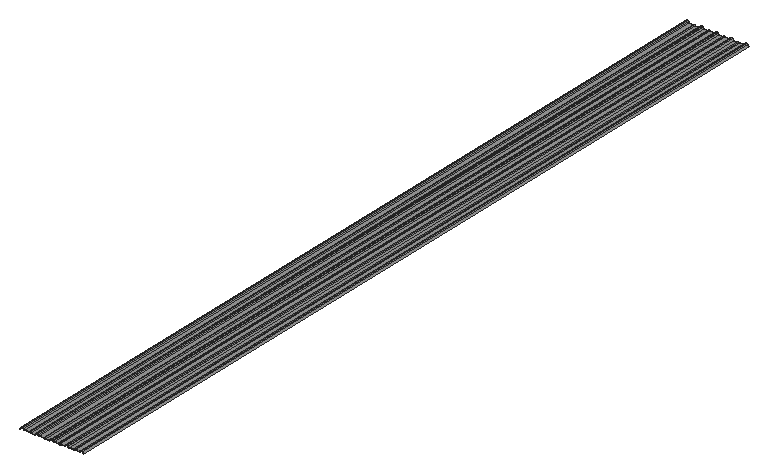
Revit family "T900 RFA", category Generic Models, Revit 2017
Family settings
  Can host rebar = No
  Round Connector Dimension = Use Diameter
  Part Type = Normal
  Work Plane-Based = No
  Always vertical = Yes
  Cut with Voids When Loaded = No
  Shared = No
  Room Calculation Point = No
Parameters (values of type "T900 Fibromat Mathiesen Verde")
  ca_altura = 11.80 m
  ca_Web_del_fabricante = "www.construccionmathiesen.cl/"
  ca_Web_del_Representante = "www.construccionmathiesen.cl/"
  ca_Teléfono = "(56 2) 2640 5600"
  ca_Representante = "Mathiesen"
  ca_Producto = "FIBROMAT®"
  ca_Países_de_distribución = "CL,PE, EC, CO, BR, BO, PA, AR, UY, MX,PA,CN,CR,ES"
  ca_Omniclass® = "*"
  ca_Material = Fibromat Mathiesen Verde
  ca_MasterFormat® = "07 41 13"
  ca_Itemizado_CDT = "D 04 05 05"
  ca_Fabricante = "Mathiesen"
  ca_Especificaciones_Técnicas = "Las Cubiertas Industriales FIBROMAT de Mathiesen, le proporcionarán a su cubierta excelentes propiedades termo acústicas disminuyendo la transmisión de ruido y de calor gracias a su estructura en UPVC y PVC espumado, disminuyendo considerablemente el ruido, el calor en verano o frío en invierno, etc.\r\nCaracteristicas de FIBROMAT:\r\nEstabilidad de color\r\nResistencia a cambios de T°\r\nAislante térmico\r\nAislante acústico\r\nResistente a la corrosión\r\nResistencia al fuego\r\nFácil instalación y bajo mantenimiento\r\nResistente a los impactos\r\nTransitable\r\nLa gran cantidad de perfiles, diseños, colores y accesorios hacen de las Cubiertas industriales FIBROMAT un producto ideal para importantes proyectos industriales tales como centros comerciales, naves industriales en; Alimentos, Agropecuarios; Minería, así como en  instalaciones deportivas, bodegas, colegios entre otros."
  ca_Código_Catálogo_Arquitectura = "283_MTS_004"
  ca_Creado_por = "Catálogo arquitectura"
  ca_Contacto = "chile@grupomathiesen.com"
  ca_Certificaciones = "*"
Types (7, lengths in m): name | ca_Material
  (no name) | Fibromat Mathiesen Verde
  T900 Fibromat Mathiesen Blanco | Fibromat Mathiesen Blanco
  T900 Fibromat Mathiesen Rojo | Fibromat Mathiesen Rojo
  T900 Fibromat Mathiesen Azul | Fibromat Mathiesen Azul
  T900 Fibromat Mathiesen Amarillo | Fibromat Mathiesen Amarillo
  T900 Fibromat Mathiesen Verde | Fibromat Mathiesen Verde
  T900 Fibromat Mathiesen Terracota | Fibromat Mathiesen Terracota
Reference planes (m)
  plane 1 "Center (Front/Back)": y = 0
  plane 2: z = 0
  plane 3 "Center (Left/Right)": x = 0
  plane 4: y = 5.9
  plane 5: y = -5.9
Forms (m)
  Extrusion 1, solid, material "Fibromat Mathiesen Verde" <- "ca_Material"
    sketch origin (0, 0, 0) x (1, 0, 0) y (0, 0, 1)
      loop
        line (0.45, 0) -> (0.44, 0.0135) -> (0.435, 0.0185) -> (0.429, 0.027) -> (0.411, 0.027) -> (0.405, 0.0185) -> (0.4, 0.0135) -> (0.392222, 0.003) -> (0.326563, 0.003) -> (0.325, 0.008) -> (0.305, 0.008) -> (0.303438, 0.003) -> (0.237778, 0.003) -> (0.23, 0.0135) -> (0.225, 0.0185) -> (0.219, 0.027) -> (0.201, 0.027) -> (0.195, 0.0185) -> (0.19, 0.0135) -> (0.182222, 0.003) -> (0.116563, 0.003) -> (0.115, 0.008) -> (0.095, 0.008) -> (0.093438, 0.003) -> (0.027778, 0.003) -> (0.02, 0.0135) -> (0.015, 0.0185) -> (0.009, 0.027) -> (-0.009, 0.027) -> (-0.015, 0.0185) -> (-0.02, 0.0135) -> (-0.027778, 0.003) -> (-0.093437, 0.003) -> (-0.095, 0.008) -> (-0.115, 0.008) -> (-0.116562, 0.003) -> (-0.182222, 0.003) -> (-0.19, 0.0135) -> (-0.195, 0.0185) -> (-0.201, 0.027) -> (-0.219, 0.027) -> (-0.225, 0.0185) -> (-0.23, 0.0135) -> (-0.237778, 0.003) -> (-0.303437, 0.003) -> (-0.305, 0.008) -> (-0.325, 0.008) -> (-0.326562, 0.003) -> (-0.392222, 0.003) -> (-0.4, 0.0135) -> (-0.405, 0.0185) -> (-0.411, 0.027) -> (-0.429, 0.027) -> (-0.435, 0.0185) -> (-0.44, 0.0135) -> (-0.45, 0) -> (-0.446267, 0) -> (-0.437722, 0.011536) -> (-0.432697, 0.01656) -> (-0.427446, 0.024) -> (-0.412554, 0.024) -> (-0.407303, 0.01656) -> (-0.402278, 0.011536) -> (-0.393733, 0) -> (-0.324357, 0) -> (-0.322794, 0.005) -> (-0.307206, 0.005) -> (-0.305643, 0) -> (-0.236267, 0) -> (-0.227722, 0.011536) -> (-0.222697, 0.01656) -> (-0.217446, 0.024) -> (-0.202554, 0.024) -> (-0.197303, 0.01656) -> (-0.192278, 0.011536) -> (-0.183733, 0) -> (-0.114357, 0) -> (-0.112794, 0.005) -> (-0.097206, 0.005) -> (-0.095643, 0) -> (-0.026267, 0) -> (-0.017722, 0.011536) -> (-0.012697, 0.01656) -> (-0.007446, 0.024) -> (0.007446, 0.024) -> (0.012697, 0.01656) -> (0.017722, 0.011536) -> (0.026267, 0) -> (0.095643, 0) -> (0.097206, 0.005) -> (0.112794, 0.005) -> (0.114357, 0) -> (0.183733, 0) -> (0.192278, 0.011536) -> (0.197303, 0.01656) -> (0.202554, 0.024) -> (0.217446, 0.024) -> (0.222697, 0.01656) -> (0.227722, 0.011536) -> (0.236267, 0) -> (0.305643, 0) -> (0.307206, 0.005) -> (0.322794, 0.005) -> (0.324357, 0) -> (0.393733, 0) -> (0.402278, 0.011536) -> (0.407303, 0.01656) -> (0.412554, 0.024) -> (0.427446, 0.024) -> (0.432697, 0.01656) -> (0.437722, 0.011536) -> (0.446267, 0) -> (0.45, 0)
    from -5.9 to 5.9
Text (m)
  text "27" at (8.617355, 0, 3.401918), in view "Front"
  text "840" at (9.083188, 0, 3.342326), in view "Front"
  text "210" at (8.768188, 0, 3.360436), in view "Front"
  text "900" at (9.083188, 0, 3.322906), in view "Front"
  text "210" at (8.978188, 0, 3.360436), in view "Front"
  text "210" at (9.188188, 0, 3.360436), in view "Front"
  text "210" at (9.398188, 0, 3.360436), in view "Front"
  text "1050" at (5.871531, 0, 1.338104), in view "Front"
  text "1000" at (5.871531, 0, 1.360195), in view "Front"
  text "333,5" at (5.538281, 0, 1.381858), in view "Front"
  text "333" at (5.871781, 0, 1.380957), in view "Front"
  text "333,5" at (6.205281, 0, 1.381858), in view "Front"
  text "50" at (5.31776, 0, 1.469229), in view "Front"
  text "940" at (9.253675, 0, 0.839076), in view "Front"
  text "880" at (9.253675, 0, 0.85982), in view "Front"
  text "176" at (8.901675, 0, 0.885253), in view "Front"
  text "176" at (9.077675, 0, 0.885253), in view "Front"
  text "176" at (9.253675, 0, 0.885253), in view "Front"
  text "176" at (9.429675, 0, 0.885253), in view "Front"
  text "176" at (9.605675, 0, 0.885253), in view "Front"
  text "40" at (8.76032, 0, 0.946016), in view "Front"
  text "27" at (8.617355, 0, -2.513821), in view "Front"
  text "840" at (9.083188, 0, -2.573413), in view "Front"
  text "210" at (8.768188, 0, -2.555303), in view "Front"
  text "900" at (9.083188, 0, -2.592833), in view "Front"
  text "210" at (8.978188, 0, -2.555303), in view "Front"
  text "210" at (9.188188, 0, -2.555303), in view "Front"
  text "210" at (9.398188, 0, -2.555303), in view "Front"
  text "1050" at (5.871531, 0, -4.577635), in view "Front"
  text "1000" at (5.871531, 0, -4.555544), in view "Front"
  text "333,5" at (5.538281, 0, -4.533881), in view "Front"
  text "333" at (5.871781, 0, -4.534782), in view "Front"
  text "333,5" at (6.205281, 0, -4.533881), in view "Front"
  text "50" at (5.31776, 0, -4.44651), in view "Front"
  text "940" at (9.253675, 0, -5.076663), in view "Front"
  text "880" at (9.253675, 0, -5.055919), in view "Front"
  text "176" at (8.901675, 0, -5.030486), in view "Front"
  text "176" at (9.077675, 0, -5.030486), in view "Front"
  text "176" at (9.253675, 0, -5.030486), in view "Front"
  text "176" at (9.429675, 0, -5.030486), in view "Front"
  text "176" at (9.605675, 0, -5.030486), in view "Front"
  text "40" at (8.76032, 0, -4.969723), in view "Front"
Dimensions and locks (m)
  equal spacing: plane 4, plane 1 "Center (Front/Back)", plane 5
  "ca_altura": plane 4 to plane 5
  aligned and locked: plane 2 to level
  aligned and locked: plane 5 to Extrusion 1
  aligned and locked: plane 4 to Extrusion 1
Automatic sketch dimensions
  Extrusion 1 sketch curve to Extrusion 1 sketch curve = 0.003733 m  (x2)
  level to Extrusion 1 sketch curve = 0.0135 m  (x10)
  Extrusion 1 sketch curve to Extrusion 1 sketch curve = 0.006267 m
  level to Extrusion 1 sketch curve = 0.011536 m  (x10)
  Extrusion 1 sketch curve to Extrusion 1 sketch curve = 0.002278 m  (x10)
  level to Extrusion 1 sketch curve = 0.0185 m  (x10)
  Extrusion 1 sketch curve to Extrusion 1 sketch curve = 0.005 m  (x5)
  level to Extrusion 1 sketch curve = 0.01656 m  (x10)
  Extrusion 1 sketch curve to Extrusion 1 sketch curve = 0.002303 m  (x10)
  Extrusion 1 sketch curve to Extrusion 1 sketch curve = 0.006 m  (x5)
  Extrusion 1 sketch curve to Extrusion 1 sketch curve = 0.001554 m  (x10)
  Extrusion 1 sketch curve to Extrusion 1 sketch curve = 0.014891 m  (x5)
  Extrusion 1 sketch curve to Extrusion 1 sketch curve = 0.005252 m  (x5)
  Extrusion 1 sketch curve to Extrusion 1 sketch curve = 0.005024 m  (x5)
  level to Extrusion 1 sketch curve = 0.00 m  (x7)
  Extrusion 1 sketch curve to Extrusion 1 sketch curve = 0.008545 m  (x5)
  Extrusion 1 sketch curve to Extrusion 1 sketch curve = 0.001511 m  (x8)
  Extrusion 1 sketch curve to Extrusion 1 sketch curve = 0.06566 m  (x8)
  level to Extrusion 1 sketch curve = 0.008 m  (x3)
  Extrusion 1 sketch curve to Extrusion 1 sketch curve = 0.001562 m  (x2)
  Extrusion 1 sketch curve to Extrusion 1 sketch curve = 0.002206 m  (x16)
  level to Extrusion 1 sketch curve = 0.005 m  (x4)
  Extrusion 1 sketch curve to Extrusion 1 sketch curve = 0.015589 m  (x4)
  level to Extrusion 1 sketch curve = 0.003 m  (x4)
  Extrusion 1 sketch curve to Extrusion 1 sketch curve = 0.007778 m  (x4)
  level to Extrusion 1 sketch curve = 0.024 m  (x2)
  level to Extrusion 1 sketch curve = 0.027 m  (x4)
  Extrusion 1 sketch curve to Extrusion 1 sketch curve = 0.001563 m  (x6)
  Extrusion 1 sketch curve to Extrusion 1 sketch curve = 0.011536 m
  Extrusion 1 sketch curve to Extrusion 1 sketch curve = 0.003 m  (x9)
  Extrusion 1 sketch curve to Extrusion 1 sketch curve = 0.0135 m
  Extrusion 1 sketch curve to Extrusion 1 sketch curve = 0.00744 m
  Extrusion 1 sketch curve to plane 3 "Center (Left/Right)" = 0.45 m
